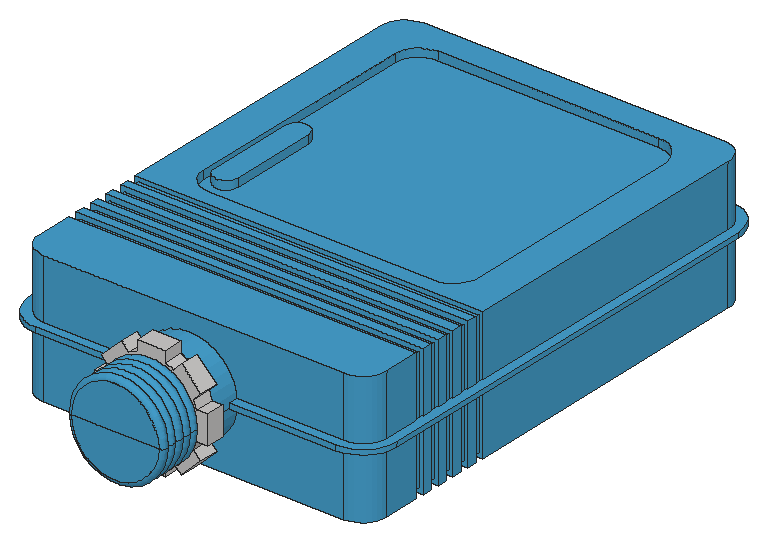
Revit family "3453A_NX_Network_Bridge_Module", category Communication Devices, host Face, Revit 2014
Parameters
  Warranty = "5-Years Warranty"  # constant formula
  Voltage = 12 V
  Type Comments = "Network Bridge Module"  # constant formula
  Product Page URL = "https://www.hubbell.com/hubbellcontrolsolutions/en/Products/Lighting-Controls/Lighting-Controls-Sensors/NX-Distributed-Intelligence-Lighting-Controls/NX-Network-Bridge-Module/p/220941"
  Product Documentation Link = "https://hubbellcdn.com/specsheet/3453A_NX_Network_Bridge_Module.pdf"
  URL = "https://www.hubbell.com/hubbellcontrolsolutions/en"
  Mounting = "Mounts directly to a junction box through an extended 1/2” chase nipple, mechanical only, no electrical connection"  # constant formula
  Model = "NX Room Controller"  # constant formula
  Manufacturer = "Hubbell Control Solutions"  # constant formula
  L = 5.26"
  Washer = Metal-Hubbell-Galvanized_Steel
  Input = "50mA @12/24 volts DC, supplied by room controller SmartPort"
  Features = ""
  Description = "The NX Network Bridge Module is a key component used in setting\r\nup a NX Distributed Lighting Control Network comprised of NX Room\r\nControllers."  # constant formula
  Default Elevation = 48.00"
  Create Date = "10/10/2018"
  Copyright = "Copyright © 2018 Hubbell Control Solutions"  # constant formula
  Contact Us = "https://www.hubbell.com/hubbellcontrolsolutions/en/contactUs?productId=220941"
  Housing Material = Plastic - Hubbell - Blue
  Construction Housing = "GSM UL Rated 94 HB Plastic\r\nPlenum rated Complies with requirements for use in plenum \r"  # constant formula
  Certificate = "Title 24, c UL us"  # constant formula
  Assembly Code = "D5090"
Reference planes (in)
  plane 1 "Center (Front/Back)": y = 13.01342
  plane 2: z = 0
  plane 3 "Center (Left/Right)": x = 0
Forms (in)
  Extrusion 1, solid, material "Plastic - Hubbell - Blue" <- "Housing Material"
    sketch origin (13.06888, 12.96782, 0) x (0, 1, 0) y (-1, 0, 0)
      loop
        arc (-2.18, 14.837) -> (-2.35678, 14.76378) -> (-2.43, 14.587) r 0.25
        line (-2.43, 14.587) -> (-2.43, 11.4497)
        arc (-2.43, 11.4497) -> (-2.35678, 11.27292) -> (-2.18, 11.1997) r 0.25
        line (-2.18, 11.1997) -> (2.28105, 11.1997)
        arc (2.28105, 11.1997) -> (2.45783, 11.27292) -> (2.53105, 11.4497) r 0.25
        line (2.53105, 11.4497) -> (2.53105, 14.587)
        arc (2.53105, 14.587) -> (2.45783, 14.76378) -> (2.28105, 14.837) r 0.25
        line (2.28105, 14.837) -> (-2.18, 14.837)
    from 0 to 1.37
  Sweep 2, solid, material "Plastic - Hubbell - Blue" <- "Housing Material"
    path in 3D
      loop
        line (-1.76813, 12.04114, 1.37) -> (-1.76813, 10.78782, 1.37)
        arc (-1.76813, 10.78782, 1.37) -> (-1.6949, 10.61105, 1.37) -> (-1.51813, 10.53782, 1.37) r 0.25
        line (-1.51813, 10.53782, 1.37) -> (1.61918, 10.53782, 1.37)
        arc (1.61918, 10.53782, 1.37) -> (1.79596, 10.61105, 1.37) -> (1.86918, 10.78782, 1.37) r 0.25
        line (1.86918, 10.78782, 1.37) -> (1.86918, 11.18547, 1.37) -> (1.86918, 15.24888, 1.37)
        arc (1.86918, 15.24888, 1.37) -> (1.79596, 15.42565, 1.37) -> (1.61918, 15.49888, 1.37) r 0.25
        line (1.61918, 15.49888, 1.37) -> (-1.51813, 15.49888, 1.37)
        arc (-1.51813, 15.49888, 1.37) -> (-1.6949, 15.42565, 1.37) -> (-1.76813, 15.24888, 1.37) r 0.25
        line (-1.76813, 15.24888, 1.37) -> (-1.76813, 14.11061, 1.37)
    profile origin (-1.76813, 14.67974, 1.37) x (1, 0, 0) y (0, 0, 1)
      loop
        line (0, -0.625) -> (-0.10642, -0.625) -> (-0.10642, -0.67672) -> (0, -0.67672) -> (0, -0.625)
  Sweep 3, void
    path origin (0, 13.01342, 0) x (1, 0, 0) y (0, 0, 1)
      loop
        line (1.86918, 1.37) -> (-1.76813, 1.37) -> (-1.76813, 0) -> (1.86918, 0) -> (1.86918, 1.37)
    profile origin (0.05053, 13.01342, 1.37) x (0, 0, -1) y (0, -1, 0)
      loop
        line (0, 0.97228) -> (0.04095, 0.97228) -> (0.04095, 1.06924) -> (0, 1.06924) -> (0, 0.97228)
      loop
        line (0.04876, 1.16619) -> (0.04876, 1.26315) -> (0, 1.26315) -> (0, 1.16619) -> (0.04876, 1.16619)
      loop
        line (0.04876, 1.36011) -> (0.04876, 1.45707) -> (0, 1.45707) -> (0, 1.36011) -> (0.04876, 1.36011)
      loop
        line (0.04876, 1.55403) -> (0.04876, 1.65098) -> (0, 1.65098) -> (0, 1.55403) -> (0.04876, 1.55403)
      loop
        line (0.04876, 1.74794) -> (0.04876, 1.8449) -> (0, 1.8449) -> (0, 1.74794) -> (0.04876, 1.74794)
  Extrusion 4, solid, material "Plastic - Hubbell - Blue"
    sketch origin (0, 0, 0) x (0, 1, 0) y (0, 0, -1)
      loop
        line (12.05823, -0.93272) -> (14.1811, -0.93272) -> (14.1811, -0.43272) -> (12.05823, -0.43272) -> (12.05823, -0.93272)
      loop
        line (12.09385, -0.8971) -> (14.12985, -0.8971) -> (14.12985, -0.46835) -> (12.09385, -0.46835) -> (12.09385, -0.8971)
    from 1.86918 to 2.05666
  Extrusion 5, solid, material "Plastic - Hubbell - Blue" <- "Housing Material"
    sketch origin (0, 0, 0) x (0, 1, 0) y (0, 0, 1)
      loop
        line (14.12985, 0.78783) -> (14.04975, 0.78783) -> (14.04975, 0.84943) -> (13.96717, 0.84943) -> (13.96717, 0.8971) -> (13.80782, 0.8971) -> (13.80782, 0.84943) -> (13.72524, 0.84943) -> (13.72524, 0.78783) -> (13.64038, 0.78783) -> (13.64038, 0.46835) -> (14.12985, 0.46835) -> (14.12985, 0.78783)
      loop
        line (13.59252, 0.78783) -> (13.54465, 0.78783) -> (13.54465, 0.84943) -> (13.46208, 0.84943) -> (13.46208, 0.8971) -> (13.30272, 0.8971) -> (13.30272, 0.84943) -> (13.22015, 0.84943) -> (13.22015, 0.78783) -> (13.13529, 0.78783) -> (13.13529, 0.46835) -> (13.59252, 0.46835) -> (13.59252, 0.78783)
      loop
        line (12.10948, 0.78783) -> (12.10948, 0.46835) -> (12.59894, 0.46835) -> (12.59894, 0.78783) -> (12.51408, 0.78783) -> (12.51408, 0.84943) -> (12.43151, 0.84943) -> (12.43151, 0.8971) -> (12.27215, 0.8971) -> (12.27215, 0.84943) -> (12.18958, 0.84943) -> (12.18958, 0.78783) -> (12.10948, 0.78783)
      loop
        line (12.64681, 0.78783) -> (12.64681, 0.46835) -> (13.10404, 0.46835) -> (13.10404, 0.78783) -> (13.01918, 0.78783) -> (13.01918, 0.84943) -> (12.9366, 0.84943) -> (12.9366, 0.8971) -> (12.77725, 0.8971) -> (12.77725, 0.84943) -> (12.69467, 0.84943) -> (12.69467, 0.78783) -> (12.64681, 0.78783)
      loop
        line (14.1811, 0.93272) -> (12.05823, 0.93272) -> (12.05823, 0.43272) -> (14.1811, 0.43272) -> (14.1811, 0.93272)
    from -1.76813 to -2.05666
  Extrusion 6, solid, material "Plastic - Hubbell - Blue" <- "Housing Material"
    sketch origin (0, 13.01342, 0) x (1, 0, 0) y (0, 0, 1)
      loop
        circle (0, 0.69328) r 0.5
    from 2.4756 to 2.77248
  Extrusion 7, solid, material "Metal-Hubbell-Galvanized_Steel" <- "Washer"
    sketch origin (0, 13.01342, 0) x (1, 0, 0) y (0, 0, 1)
      loop
        arc (-0.14745, 1.17104) -> (-0.19134, 1.15521) -> (-0.23356, 1.13537) r 0.5
        line (-0.23356, 1.13537) -> (-0.31252, 1.21433) -> (-0.52105, 1.0058) -> (-0.4421, 0.92684)
        arc (-0.4421, 0.92684) -> (-0.46194, 0.88462) -> (-0.47776, 0.84073) r 0.5
        line (-0.47776, 0.84073) -> (-0.58943, 0.84073) -> (-0.58943, 0.54582) -> (-0.47776, 0.54582)
        arc (-0.47776, 0.54582) -> (-0.46194, 0.50193) -> (-0.4421, 0.45971) r 0.5
        line (-0.4421, 0.45971) -> (-0.52105, 0.38075) -> (-0.31252, 0.17222) -> (-0.23356, 0.25118)
        arc (-0.23356, 0.25118) -> (-0.19134, 0.23134) -> (-0.14745, 0.21551) r 0.5
        line (-0.14745, 0.21551) -> (-0.14745, 0.10385) -> (0.14745, 0.10385) -> (0.14745, 0.21551)
        arc (0.14745, 0.21551) -> (0.19134, 0.23134) -> (0.23356, 0.25118) r 0.5
        line (0.23356, 0.25118) -> (0.31252, 0.17222) -> (0.52105, 0.38075) -> (0.4421, 0.45971)
        arc (0.4421, 0.45971) -> (0.46194, 0.50193) -> (0.47776, 0.54582) r 0.5
        line (0.47776, 0.54582) -> (0.58943, 0.54582) -> (0.58943, 0.84073) -> (0.47776, 0.84073)
        arc (0.47776, 0.84073) -> (0.46194, 0.88462) -> (0.4421, 0.92684) r 0.5
        line (0.4421, 0.92684) -> (0.52105, 1.0058) -> (0.31252, 1.21433) -> (0.23356, 1.13537)
        arc (0.23356, 1.13537) -> (0.19134, 1.15521) -> (0.14745, 1.17104) r 0.5
        line (0.14745, 1.17104) -> (0.14745, 1.2827) -> (-0.14745, 1.2827) -> (-0.14745, 1.17104)
    from 2.77248 to 2.96984
  Revolve 8, solid, material "Plastic - Hubbell - Blue" <- "Housing Material"
    sketch origin (0, 0, 0.67855) x (1, 0, 0) y (0, 1, 0)
      loop
        line (0, 10.04358) -> (0, 9.56701) -> (0.45403, 9.568)
        arc (0.45403, 9.568) -> (0.50159, 9.61556) -> (0.45403, 9.66312) r 0.04756
        arc (0.45403, 9.66312) -> (0.50159, 9.71067) -> (0.45403, 9.75823) r 0.04756
        arc (0.45403, 9.75823) -> (0.50159, 9.80579) -> (0.45403, 9.85335) r 0.04756
        arc (0.45403, 9.85335) -> (0.50159, 9.9009) -> (0.45403, 9.94846) r 0.04756
        arc (0.45403, 9.94846) -> (0.50159, 9.99602) -> (0.45403, 10.04358) r 0.04756
        line (0.45403, 10.04358) -> (0, 10.04358)
      axis (0, 10.04358) -> (0, 9.56701)
    angle from 0 to 360
  Extrusion 9, void
    sketch origin (0, 0, 0) x (1, 0, 0) y (0, 1, 0)
      loop
        line (-1.13959, 12.20671) -> (1.23733, 12.20671)
        arc (1.23733, 12.20671) -> (1.41411, 12.27993) -> (1.48733, 12.45671) r 0.25
        line (1.48733, 12.45671) -> (1.48733, 14.88186)
        arc (1.48733, 14.88186) -> (1.39218, 15.11156) -> (1.16248, 15.20671) r 0.32485
        line (1.16248, 15.20671) -> (-1.13959, 15.20671)
        arc (-1.13959, 15.20671) -> (-1.31636, 15.13349) -> (-1.38959, 14.95671) r 0.25
        line (-1.38959, 14.95671) -> (-1.38959, 12.45671)
        arc (-1.38959, 12.45671) -> (-1.31636, 12.27993) -> (-1.13959, 12.20671) r 0.25
    from 1.2827 to 1.37
  Extrusion 10, solid, material "Plastic - Hubbell - Blue" <- "Housing Material"
    sketch origin (0, 0, 0) x (1, 0, 0) y (0, 1, 0)
      loop
        arc (-1.33943, 12.5422) -> (-1.21443, 12.4172) -> (-1.08943, 12.5422) r 0.125
        line (-1.08943, 12.5422) -> (-1.08943, 13.4561)
        arc (-1.08943, 13.4561) -> (-1.21443, 13.5811) -> (-1.33943, 13.4561) r 0.125
        line (-1.33943, 13.4561) -> (-1.33943, 12.5422)
    from 1.2827 to 1.37
Cuts and joins
  Sweep 3, Extrusion 9 cuts Extrusion 1
  Sweep 3 cuts Sweep 2
Lines and regions (in)
  sketch lines
    curve 1: line (-1.76813, 15.24888, 1.37) -> (-1.76813, 14.11061, 1.37)
    curve 2: arc (-1.76813, 15.24888, 1.37) -> (-1.6949, 15.42565, 1.37) -> (-1.51813, 15.49888, 1.37) r 0.25
    curve 3: line (1.61918, 15.49888, 1.37) -> (-1.51813, 15.49888, 1.37)
    curve 4: arc (1.61918, 15.49888, 1.37) -> (1.79596, 15.42565, 1.37) -> (1.86918, 15.24888, 1.37) r 0.25
    curve 5: line (1.86918, 11.18547, 1.37) -> (1.86918, 15.24888, 1.37)
    curve 6: line (1.86918, 10.78782, 1.37) -> (1.86918, 11.18547, 1.37)
    curve 7: arc (1.86918, 10.78782, 1.37) -> (1.79596, 10.61105, 1.37) -> (1.61918, 10.53782, 1.37) r 0.25
    curve 8: line (-1.51813, 10.53782, 1.37) -> (1.61918, 10.53782, 1.37)
    curve 9: arc (-1.51813, 10.53782, 1.37) -> (-1.6949, 10.61105, 1.37) -> (-1.76813, 10.78782, 1.37) r 0.25
    curve 10: line (-1.76813, 12.04114, 1.37) -> (-1.76813, 10.78782, 1.37)
Dimensions and locks (in)
  aligned and locked: plane 2 to host face
  aligned and locked: level to host face
  aligned and locked: Extrusion 4 to Extrusion 5
  aligned and locked: Extrusion 6 to cut or joined group of Extrusion 1, Sweep 3, Extrusion 9
  aligned and locked: Extrusion 1 to Extrusion 9
  aligned and locked: cut or joined group of Extrusion 1, Sweep 3, Extrusion 9 to Extrusion 10
